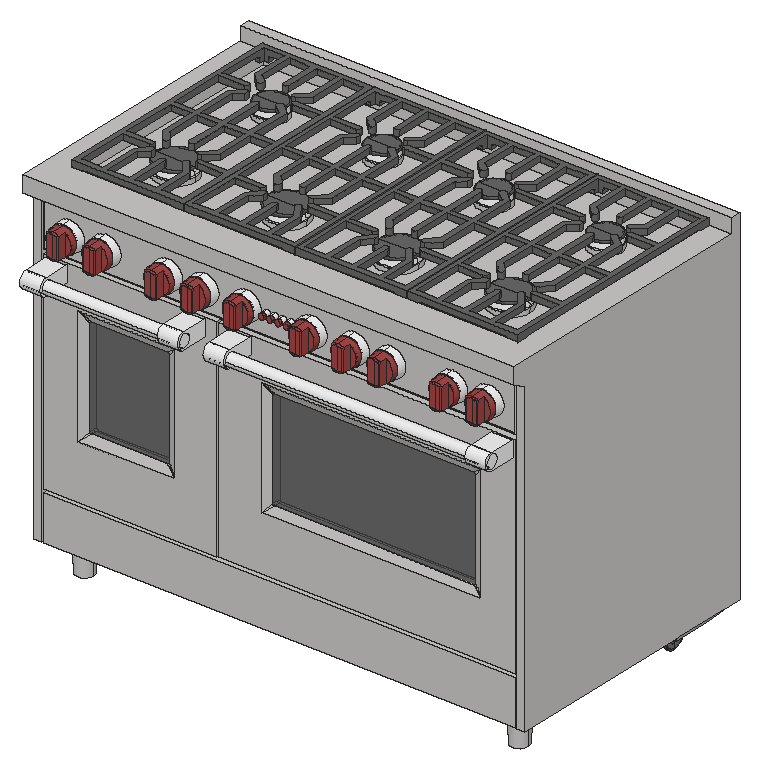
Revit family "43dcda20f5f249dd9b1c5d9aa32a3989", category Specialty Equipment, Revit 2021 (continued)
Definition of nested family "Cook Surface"
  Dimensions and locks (in)
    aligned and locked: plane 14 "Surface Bottom" to Extrusion 9
    aligned and locked: plane 32 to Extrusion 8
    aligned and locked: Extrusion 8 to plane 31
    aligned and locked: Extrusion 6 to plane 11 "Front"
  Automatic sketch dimensions
    Extrusion 2 sketch curve to Extrusion 2 sketch curve = 0' - 0 1/4"  (x2)
    Revolve 3 sketch curve to plane 2 "Bottom" = 0' - 0"
    Revolve 3 sketch curve to plane 3 "Center (Left/Right)" = 0' - 0"
    Revolve 3 sketch curve to plane 4 "T.O. Burner" = 0' - 0.1775"
    Revolve 3 sketch curve to plane 3 "Center (Left/Right)" = 0' - 1.35703"
    Revolve 3 sketch curve to plane 9 "T.O. Pan" = 0' - 0.22222"
    Revolve 3 sketch curve to Revolve 3 sketch curve = 0' - 0.10525"
    Revolve 3 sketch curve to Revolve 3 sketch curve = 0' - 0.11041"
    Revolve 3 sketch curve to plane 9 "T.O. Pan" = 0' - 0.32333"
    Revolve 3 sketch curve to Revolve 3 sketch curve = 0' - 0.07585"
    Revolve 3 sketch curve to Revolve 3 sketch curve = 0' - 0.07531"
    Revolve 3 sketch curve to Revolve 3 sketch curve = 17' - 9.41886"
    plane 7 to Revolve 3 sketch curve = 11' - 11.39256"
    Revolve 4 sketch curve to plane 2 "Bottom" = 0' - 0"
    Revolve 4 sketch curve to plane 3 "Center (Left/Right)" = 0' - 0"
    Revolve 4 sketch curve to plane 4 "T.O. Burner" = 0' - 0.1775"
    Revolve 4 sketch curve to plane 3 "Center (Left/Right)" = 0' - 1.7789"
    Revolve 4 sketch curve to plane 9 "T.O. Pan" = 0' - 0.22222"
    Revolve 4 sketch curve to Revolve 4 sketch curve = 0' - 0.10525"
    Revolve 4 sketch curve to Revolve 4 sketch curve = 0' - 0.11041"
    Revolve 4 sketch curve to plane 9 "T.O. Pan" = 0' - 0.32333"
    Revolve 4 sketch curve to Revolve 4 sketch curve = 0' - 0.07585"
    Revolve 4 sketch curve to Revolve 4 sketch curve = 0' - 0.07531"
    Revolve 4 sketch curve to Revolve 4 sketch curve = 17' - 9.41886"
    plane 7 to Revolve 4 sketch curve = 11' - 11.39256"
    Extrusion 6 sketch curve to plane 12 "Left" = 0' - 0 1/4"
    Extrusion 6 sketch curve to Extrusion 6 sketch curve = 0' - 0.33885"  (x2)
    Extrusion 6 sketch curve to plane 7 = 0' - 0.17678"  (x2)
    Extrusion 6 sketch curve to Extrusion 6 sketch curve = 0' - 0 1/4"
    Extrusion 8 sketch curve to Extrusion 8 sketch curve = 0' - 1 3/4"
    Extrusion 9 sketch curve to plane 21 = 0' - 0"  (x4)
    Extrusion 9 sketch curve to plane 22 = 0' - 0"  (x4)
    Extrusion 9 sketch curve to plane 25 = 0' - 0"  (x4)
    Extrusion 9 sketch curve to plane 16 = 0' - 0"  (x6)
    Extrusion 9 sketch curve to plane 27 = 0' - 0"  (x4)
    Extrusion 9 sketch curve to plane 26 = 0' - 0"  (x4)
    Extrusion 9 sketch curve to plane 24 = 0' - 0"  (x6)
    Extrusion 9 sketch curve to plane 15 = 0' - 0"  (x4)
    Extrusion 9 sketch curve to plane 18 = 0' - 0"  (x2)
    Extrusion 9 sketch curve to plane 10 "Back" = 0' - 0"
    Extrusion 9 sketch curve to plane 12 "Left" = 0' - 0"
    Extrusion 9 sketch curve to plane 11 "Front" = 0' - 0"
    plane 17 to Extrusion 9 sketch curve = 0' - 0.00773"  (x4)
    Extrusion 9 sketch curve to plane 16 = 0' - 0.49816"  (x4)
    Extrusion 9 sketch curve to Extrusion 9 sketch curve = 0' - 0.19887"  (x24)
    Extrusion 9 sketch curve to plane 24 = 0' - 0.77091"  (x4)
    Extrusion 9 sketch curve to Extrusion 9 sketch curve = 0' - 1.61573"  (x2)
    plane 20 to Extrusion 9 sketch curve = 0' - 1.58089"
    Extrusion 9 sketch curve to Extrusion 9 sketch curve = 0' - 0.233"  (x8)
    plane 20 to Extrusion 9 sketch curve = 0' - 0 235/256"  (x2)
    Extrusion 9 sketch curve to plane 28 = 0' - 0.52023"  (x2)
    Extrusion 9 sketch curve to Extrusion 9 sketch curve = 0' - 0.8625"  (x2)
    Extrusion 9 sketch curve to Extrusion 9 sketch curve = 0' - 0.66291"
    Extrusion 9 sketch curve to Extrusion 9 sketch curve = 0' - 1.94852"  (x2)
    plane 29 to Extrusion 9 sketch curve = 0' - 1.74491"
    plane 29 to Extrusion 9 sketch curve = 0' - 1.05261"  (x2)
    Extrusion 9 sketch curve to plane 30 = 0' - 0.27193"  (x2)
    Extrusion 9 sketch curve to plane 30 = 0' - 1.33259"  (x2)
    Extrusion 9 sketch curve to plane 30 = 0' - 1.57023"
    Extrusion 9 sketch curve to plane 23 = 0' - 0.00773"  (x4)
    Extrusion 1 sketch curve to plane 4 "T.O. Burner" = 0' - 0 1/4"
    Extrusion 1 sketch curve to Extrusion 1 sketch curve = 0' - 0 1/4"
Definition of nested family "Knob 2"
  Parameters (values of type "Knob 2")
    Knob = none
    Trim = none
    Default Elevation = 0' - 0"
  Reference planes (in)
    plane 1 "Center (Front/Back)": y = 0
    plane 2: z = 0
    plane 3 "Center (Left/Right)": x = 0
  Forms (in)
    Revolve 1, solid, material <- "Trim"
      sketch origin (0, 0, 0) x (0, 1, 0) y (0, 0, 1)
        loop
          line (0, 0.3154516) -> (-0.5061516, 0.2648377) -> (-0.5061516, 0) -> (0, 0) -> (0, 0.3154516)
        axis (0, 0) -> (-0.5061516, 0)
      angle from 0 to 360
    Extrusion 2, solid, material <- "Knob"
      sketch origin (0, 0, 0) x (1, 0, 0) y (0, 0, 1)
        loop
          circle (0, 0) r 0.2648377
      from 0.5061516 to 0.7170259
  Dimensions and locks (in)
    radius of Extrusion 2 sketch curve = 0' - 0.26484"
    aligned and locked: plane 2 to level
    aligned and locked: level to Revolve 1 sketch curve
    aligned and locked: Revolve 1 sketch curve to level
    aligned and locked: Extrusion 2 to Revolve 1
Definition of nested family "Label Annotation 3-32"
  Parameters
    Label = "Freezer 36 LH"
  Reference planes (in)
    plane 1: y = 0
    plane 2: x = 0
  Text (in)
    label "Label" at (0.0037544, -0.0034533, 0), shows "Label"
Types (8): name | Height | Grate Depth | Depth | Center Right Burners | Center Grate - Right | Center Grate - Left | Center Left Burners
  Burners | 3' - 0 31/32" | 1' - 11 1/4" | 2' - 3 143/256" | yes | Cook Surface : Burners | Cook Surface : Burners | yes
  Griddle / Grill | 3' - 0 31/32" | 1' - 11 1/4" | 2' - 3 143/256" | no | Cook Surface : Grill | Cook Surface : Griddle | no
  Grill / Griddle | 3' - 0.9685" | 1' - 11.25046" | 2' - 3.55906" | no | Cook Surface : Griddle | Cook Surface : Grill | no
  Double Griddle | 3' - 0 31/32" | 1' - 11 1/4" | 2' - 3 143/256" | no | Cook Surface : Double Griddle - Right | Cook Surface : Double Griddle - Left | no
  Griddle - Center Left | 3' - 0 31/32" | 1' - 11 1/4" | 2' - 3 143/256" | yes | Cook Surface : Burners | Cook Surface : Griddle | no
  Griddle - Center Right | 3' - 0 31/32" | 1' - 11 1/4" | 2' - 3 143/256" | no | Cook Surface : Griddle | Cook Surface : Burners | yes
  Grill - Center Left | 3' - 0 31/32" | 1' - 11 1/4" | 2' - 3 143/256" | yes | Cook Surface : Burners | Cook Surface : Grill | no
  Grill - Center Right | 3' - 0 31/32" | 1' - 11 1/4" | 2' - 3 143/256" | no | Cook Surface : Grill | Cook Surface : Burners | yes
